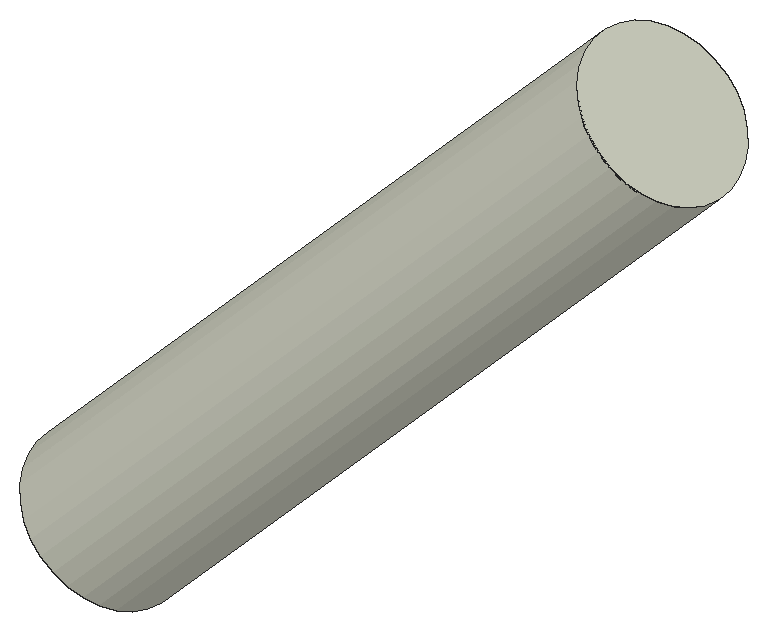
Revit family "グレーチング_鋼管（STK）", category Generic Models, Revit 2020
Family settings
  Can host rebar = No
  Round Connector Dimension = Use Diameter
  Part Type = Normal
  Work Plane-Based = Yes
  Always vertical = No
  Cut with Voids When Loaded = No
  Shared = No
  Room Calculation Point = No
Parameters (values of type "STK 101.6mm")
  長辺 [instance] = 長さ  # 500 mm
  長さ [instance] = 500 mm
  部屋名 = ""
  角度 [instance] = 45.00°
  直径 = 101.6 mm
  Default Elevation = 1219.2 mm
  構造マテリアル = E614_グレーチング
  半径 = 直径 / 2  # 50.8 mm
Types (29, lengths in mm): name | 直径 | 半径
  STK 101.6mm | 101.6 | 50.8
  STK 1016.0mm | 1016 | 508
  STK 114.3mm | 114.3 | 57.15
  STK 139.8mm | 139.8 | 69.9
  STK 165.2mm | 165.2 | 82.6
  STK 190.7mm | 190.7 | 95.35
  STK 21.7mm | 21.7 | 10.85
  STK 216.3mm | 216.3 | 108.15
  STK 267.4mm | 267.4 | 133.7
  STK 27.2mm | 27.2 | 13.6
  STK 318.5mm | 318.5 | 159.25
  STK 34.0mm | 34 | 17
  STK 355.6mm | 355.6 | 177.8
  STK 406.4mm | 406.4 | 203.2
  STK 42.7mm | 42.7 | 21.35
  STK 457.2mm | 457.2 | 228.6
  STK 48.6mm | 48.6 | 24.3
  STK 500.0mm | 500 | 250
  STK 508.0mm | 508 | 254
  STK 558.8mm | 558.8 | 279.4
  STK 60.5mm | 60.5 | 30.25
  STK 600.0mm | 600 | 300
  STK 609.6mm | 609.6 | 304.8
  STK 700.0mm | 700 | 350
  STK 711.2mm | 711.2 | 355.6
  STK 76.3mm | 76.3 | 38.15
  STK 812.8mm | 812.8 | 406.4
  STK 89.1mm | 89.1 | 44.55
  STK 914.4mm | 914.4 | 457.2
Reference planes
  plane 1 "中心(正面/背面)": y = 0
  plane 2: z = 0
  plane 3 "中心(左/右)": x = 0
Lines and regions (mm)
  reference lines
    curve 1: line (0, 0, 0) -> (848.528, 0, 848.528)
    curve 2: line (35.921, 0, -35.921) -> (-35.921, 0, 35.921)
    curve 3: line (389.474, 0, 317.632) -> (317.632, 0, 389.474)
Dimensions and locks
  equal spacing: curve 2, curve 1, curve 2
  "直径": curve 2 to curve 2
  equal spacing: curve 3, curve 1, curve 3
  "直径": curve 3 to curve 3
  "長さ": curve 3 to curve 2
  "角度": angle level to curve 1
  angle curve 2 to curve 1 = 90.00°
  angle curve 3 to curve 1 = 90.00°
  aligned and locked: level to plane 2
  aligned and locked: level to curve 1
  aligned and locked: plane 3 "中心(左/右)" to curve 1
  aligned and locked: nested 1 to curve 1
Nested families
  nested 1: "グレーチング_鋼管（STK）" at (0, 0, 0) x (0.7071, 0, -0.7071) z (0, -1, 0), 長さ <- "長さ", type "STK 21.7mm"
    with 長辺 500 mm, 長さ 500 mm, 直径 101.6 mm, 半径 50.8 mm
Definition of nested family "グレーチング_鋼管（STK）"
  Parameters (values of type "STK 165.2mm")
    長辺 [instance] = 長さ  # 1000 mm
    長さ [instance] = 1000 mm
    直径 = 165.2 mm
    Default Elevation = 1219.2 mm
    構造マテリアル = none
    半径 = 直径 / 2  # 82.6 mm
  Types (29, lengths in mm): name | 直径 | 半径
    STK 21.7mm | 21.7 | 10.85
    STK 27.2mm | 27.2 | 13.6
    STK 34.0mm | 34 | 17
    STK 42.7mm | 42.7 | 21.35
    STK 48.6mm | 48.6 | 24.3
    STK 60.5mm | 60.5 | 30.25
    STK 76.3mm | 76.3 | 38.15
    STK 89.1mm | 89.1 | 44.55
    STK 101.6mm | 101.6 | 50.8
    STK 114.3mm | 114.3 | 57.15
    STK 139.8mm | 139.8 | 69.9
    STK 165.2mm | 165.2 | 82.6
    STK 190.7mm | 190.7 | 95.35
    STK 216.3mm | 216.3 | 108.15
    STK 267.4mm | 267.4 | 133.7
    STK 318.5mm | 318.5 | 159.25
    STK 355.6mm | 355.6 | 177.8
    STK 406.4mm | 406.4 | 203.2
    STK 457.2mm | 457.2 | 228.6
    STK 500.0mm | 500 | 250
    STK 508.0mm | 508 | 254
    STK 558.8mm | 508 | 254
    STK 600.0mm | 600 | 300
    STK 609.6mm | 609.6 | 304.8
    STK 700.0mm | 700 | 350
    STK 711.2mm | 711.2 | 355.6
    STK 812.8mm | 812.8 | 406.4
    STK 914.4mm | 914.4 | 457.2
    STK 1016.0mm | 1016 | 508
  Reference planes
    plane 1 "中心(正面/背面)": y = 0
    plane 2: z = 0
    plane 3 "中心(左/右)": x = 0
  Forms (mm)
    Extrusion 1, solid, material <- "構造マテリアル"
      sketch origin (0, 0, 0) x (1, 0, 0) y (0, 0, 1)
        loop
          circle (0, 0) r 82.6
      from -1000 to 0
  Lines and regions (mm)
    reference lines
      curve 1: line (82.6, 1000, 0) -> (-82.6, 1000, 0)
      curve 2: line (82.6, 0, 0) -> (-82.6, 0, 0)
  Dimensions and locks
    "長さ": curve 1 to curve 2
    "直径": curve 1 to curve 1
    equal spacing: curve 1, plane 3 "中心(左/右)", curve 1
    "直径": curve 2 to curve 2
    equal spacing: curve 2, plane 3 "中心(左/右)", curve 2
    "半径": radius of Extrusion 1 sketch curve
    aligned and locked: level to plane 2
    aligned and locked: Extrusion 1 to curve 1
    aligned and locked: Extrusion 1 to curve 2
  Automatic sketch dimensions
    Extrusion 1 sketch curve to level = 0 mm
    Extrusion 1 sketch curve to plane 3 "中心(左/右)" = 0 mm
    plane 1 "中心(正面/背面)" to curve 2 = 0 mm
